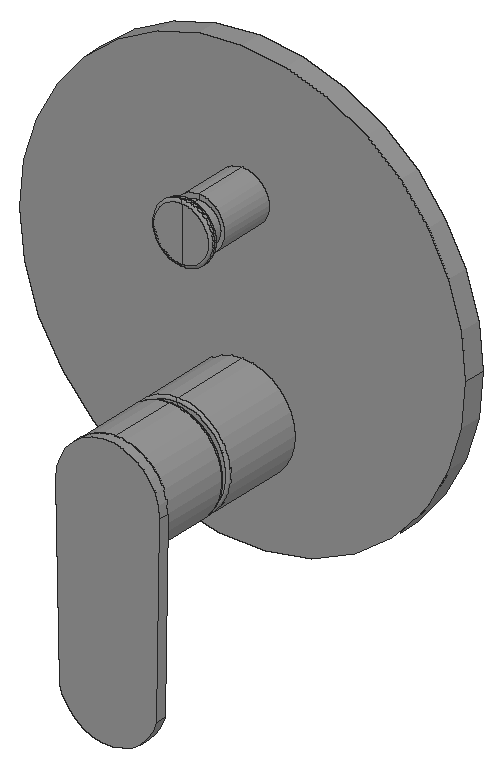
Revit family "MZ TINA URBAN", category Plumbing Fixtures, Revit 2019
Family settings
  Round Connector Dimension = Use Diameter
  Part Type = Normal
  OmniClass Number = 23.45.00.00
  OmniClass Title = Sanitary, Laundry, and Cleaning Equipment
  Work Plane-Based = No
  Always vertical = Yes
  Cut with Voids When Loaded = No
  Shared = No
  Room Calculation Point = No
Reference planes
  plane 1 "Center (Front/Back)": y = 0
  plane 2: z = 0
  plane 3 "Center (Left/Right)": x = 0
Forms (mm)
  Revolve 1, solid
    sketch origin (72.511, -50.46, 26) x (0, 0, 1) y (0, -1, 0)
      loop
        line (-70, 13.194) -> (-70, 77.122) -> (-91, 77.122) -> (-91, 49.998)
        arc (-91, 49.998) -> (-90.708, 49.292) -> (-90.002, 49) r 0.998
        line (-90.002, 49) -> (-85.735, 49)
        arc (-85.735, 49) -> (-86.908, 47.98) -> (-87.608, 46.591) r 4.029
        line (-87.608, 46.591) -> (-89.991, 46.591)
        arc (-89.991, 46.591) -> (-90.704, 46.295) -> (-91, 45.582) r 1.009
        line (-91, 45.582) -> (-91, 13.194) -> (-70, 13.194)
      axis (-70, 13.194) -> (-70, 77.122)
    angle from 0 to 360
  Extrusion 2, solid
    sketch origin (0, -50.46, 21) x (1, 0, 0) y (0, 0, 1)
      loop
        line (51.511, -65) -> (52.803, -139.002)
        arc (52.803, -139.002) -> (72.511, -154) -> (92.22, -139.002) r 20.448
        line (92.22, -139.002) -> (93.511, -65)
        arc (93.511, -65) -> (72.511, -44) -> (51.511, -65) r 21
    from 77.122 to 81.081
  Extrusion 3, solid
    sketch origin (0, 0, 0) x (1, 0, 0) y (0, 0, 1)
      loop
        circle (72.511, 0) r 90
    from 55.115 to 63.615
  Revolve 4, solid
    sketch origin (72.511, 0, -0.5) x (0, 1, 0) y (0, 0, 1)
      loop
        line (-63.615, 36) -> (-63.615, 46.5) -> (-85.615, 46.5) -> (-85.615, 44.5) -> (-91.615, 44.5) -> (-91.615, 46.978)
        arc (-91.615, 46.978) -> (-91.914, 47.701) -> (-92.637, 48) r 1.022
        line (-92.637, 48) -> (-93.64, 48)
        arc (-93.64, 48) -> (-94.329, 47.714) -> (-94.615, 47.025) r 0.975
        line (-94.615, 47.025) -> (-94.615, 36) -> (-63.615, 36)
      axis (-63.615, 36) -> (-94.615, 36)
    angle from 0 to 360
Dimensions and locks
  aligned and locked: level to plane 2
